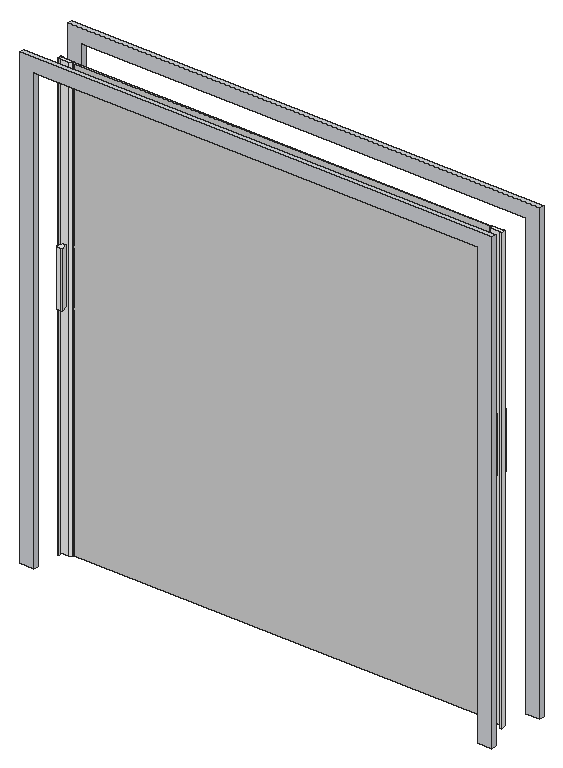
Revit family "Woodfold-Accordion-Door-Family-Series-740-Double", category Doors, host Wall, Revit 2026
Family settings
  Host = Wall
  Always vertical = Yes
  Cut with Voids When Loaded = No
  Shared = No
  Room Calculation Point = No
Parameters (values of type "8'-0" x 8'-0" Recessed Track w/Deadlatch")
  Type Comments = "Width: No limitation.  Height:Clear up to 10'-1\", Braonze and Gold up to 8'-1\""
  Track Material = Metal - Aluminum
  Surface Track = no
  Stack Dimension = 0.1041 * Width + 0' 5 1/2"  # 1' - 3.4936"
  Recessed Track = yes
  Panel Material = Woodfold - Aluminum - Clear
  Panel Connectors = "Rigid Vinyl with steel rods"
  Model = "740"
  Manufacturer = "Woodfold Mfg., Inc."
  Lead Post = Metal - Aluminum
  Hardware Type = "Deadlatch with Thumbturn Two-sides"
  Function = Interior
  Frame Visibility = yes
  Frame Projection Ext. = 0' - 1"
  Frame Projection Int. = 0' - 1"
  Frame Width = 0' - 3"
  Height = 8' - 0"
  Wall Closure = By host
  Width = 8' - 0"
  Description = "Alumifold security door"
  Assembly Code = ""
Reference planes (in)
  plane 1 "Center (Front/Back)": y = 0
  plane 2 "Center (Left/Right)": x = 0
  plane 3 "Left": x = -48
  plane 4 "Right": x = 48
  plane 5 "Top": z = 96
  plane 6 "Stack End": x = -32.5064
  plane 7 "Middle": z = 48
Forms (in)
  Extrusion 1, solid, visible <- "Frame Visibility"
    sketch origin (-90, 6, 0) x (-1, 0, 0) y (0, 0, 1)
      loop
        line (-138, 96) -> (-42, 96) -> (-42, 0) -> (-39, 0) -> (-39, 99) -> (-141, 99) -> (-141, 0) -> (-138, 0) -> (-138, 96)
    from 0 to 1
  Extrusion 2, solid, visible <- "Frame Visibility"
    sketch origin (-90, -6, 0) x (1, 0, 0) y (0, 0, 1)
      loop
        line (42, 0) -> (42, 96) -> (138, 96) -> (138, 0) -> (141, 0) -> (141, 99) -> (39, 99) -> (39, 0) -> (42, 0)
    from 0 to 1
  Extrusion 3, solid, material "Woodfold - Aluminum - Clear" <- "Panel Material"
    sketch origin (0, 0, 0) x (1, 0, 0) y (0, 1, 0)
      loop
        line (-48, 0.125) -> (-48, -0.125) -> (45.125, -0.125) -> (45.125, 0.125) -> (-48, 0.125)
    from 0.64608 to 96
  Extrusion 4, solid, material "Metal - Aluminum" <- "Track Material"
    sketch origin (12, 0, -0.14608) x (1, 0, 0) y (0, 1, 0)
      loop
        line (36, 0.25) -> (34.9375, 0.25) -> (35.16324, 1.60445)
        arc (35.16324, 1.60445) -> (35.13532, 1.7058) -> (35.03994, 1.75) r 0.125
        line (35.03994, 1.75) -> (34.08506, 1.75)
        arc (34.08506, 1.75) -> (33.98968, 1.7058) -> (33.96176, 1.60445) r 0.125
        line (33.96176, 1.60445) -> (34.1875, 0.25) -> (33.25, 0.25)
        arc (33.25, 0.25) -> (33.08719, 0.17869) -> (33.03176, 0.00981) r 0.21774
        arc (33.03176, 0.00981) -> (33.19467, 0.06273) -> (33.125, -0.09375) r 0.09375
        arc (33.125, -0.09375) -> (33.10937, -0.10937) -> (33.125, -0.125) r 0.01562
        line (33.125, -0.125) -> (33.21055, -0.125) -> (33.58555, -0.5) -> (34.1875, -0.5) -> (33.96176, -1.85445)
        arc (33.96176, -1.85445) -> (33.98968, -1.9558) -> (34.08506, -2) r 0.125
        line (34.08506, -2) -> (35.03994, -2)
        arc (35.03994, -2) -> (35.13532, -1.9558) -> (35.16324, -1.85445) r 0.125
        line (35.16324, -1.85445) -> (34.9375, -0.5) -> (36, -0.5) -> (36, 0.25)
    from 48.64608 to 60.64608
  Extrusion 5, solid, material "Metal - Aluminum" <- "Track Material"
    sketch origin (12, 0, -18.14608) x (1, 0, 0) y (0, 1, 0)
      loop
        arc (33.25, 0.25) -> (33.08719, 0.17869) -> (33.03176, 0.00981) r 0.21774
        arc (33.03176, 0.00981) -> (33.19467, 0.06273) -> (33.125, -0.09375) r 0.09375
        arc (33.125, -0.09375) -> (33.10937, -0.10937) -> (33.125, -0.125) r 0.01562
        line (33.125, -0.125) -> (33.21055, -0.125) -> (33.58555, -0.5) -> (36, -0.5) -> (36, 0.25) -> (33.25, 0.25)
    from 18.64608 to 66.64608
  Extrusion 6, solid, material "Metal - Aluminum" <- "Track Material"
    sketch origin (12, 0, 41.85392) x (1, 0, 0) y (0, 1, 0)
      loop
        arc (33.25, 0.25) -> (33.08719, 0.17869) -> (33.03176, 0.00981) r 0.21774
        arc (33.03176, 0.00981) -> (33.19467, 0.06273) -> (33.125, -0.09375) r 0.09375
        arc (33.125, -0.09375) -> (33.10937, -0.10937) -> (33.125, -0.125) r 0.01562
        line (33.125, -0.125) -> (33.21055, -0.125) -> (33.58555, -0.5) -> (36, -0.5) -> (36, 0.25) -> (33.25, 0.25)
    from 18.64608 to 54.14608
  Extrusion 7, solid, material "Metal - Aluminum" <- "Track Material"
    sketch origin (12, 0, 0) x (1, 0, 0) y (0, 1, 0)
      loop
        line (35.58547, -0.63818) -> (36, -0.63818) -> (36, 0.38818) -> (35.58547, 0.38818) -> (35.58547, 0.25) -> (35.875, 0.25) -> (35.875, -0.5) -> (35.58547, -0.5) -> (35.58547, -0.63818)
    from 0 to 96
  Extrusion 8, solid, material "Metal - Aluminum" <- "Track Material"
    sketch origin (-12, 0, -0.14608) x (-1, 0, 0) y (0, -1, 0)
      loop
        line (36, -0.25) -> (36, 0.5) -> (34.9375, 0.5) -> (35.16324, 1.85445)
        arc (35.16324, 1.85445) -> (35.13532, 1.9558) -> (35.03994, 2) r 0.125
        line (35.03994, 2) -> (34.08506, 2)
        arc (34.08506, 2) -> (33.98968, 1.9558) -> (33.96176, 1.85445) r 0.125
        line (33.96176, 1.85445) -> (34.1875, 0.5) -> (33.58555, 0.5) -> (33.21055, 0.125) -> (33.125, 0.125)
        arc (33.125, 0.125) -> (33.10937, 0.10937) -> (33.125, 0.09375) r 0.01562
        arc (33.125, 0.09375) -> (33.19467, -0.06273) -> (33.03176, -0.00981) r 0.09375
        arc (33.03176, -0.00981) -> (33.08719, -0.17869) -> (33.25, -0.25) r 0.21774
        line (33.25, -0.25) -> (34.1875, -0.25) -> (33.96176, -1.60445)
        arc (33.96176, -1.60445) -> (33.98968, -1.7058) -> (34.08506, -1.75) r 0.125
        line (34.08506, -1.75) -> (35.03994, -1.75)
        arc (35.03994, -1.75) -> (35.13532, -1.7058) -> (35.16324, -1.60445) r 0.125
        line (35.16324, -1.60445) -> (34.9375, -0.25) -> (36, -0.25)
    from 48.64608 to 60.64608
  Extrusion 9, solid, material "Metal - Aluminum" <- "Track Material"
    sketch origin (-12, 0, -18.14608) x (-1, 0, 0) y (0, -1, 0)
      loop
        line (33.25, -0.25) -> (36, -0.25) -> (36, 0.5) -> (33.58555, 0.5) -> (33.21055, 0.125) -> (33.125, 0.125)
        arc (33.125, 0.125) -> (33.10937, 0.10937) -> (33.125, 0.09375) r 0.01562
        arc (33.125, 0.09375) -> (33.19467, -0.06273) -> (33.03176, -0.00981) r 0.09375
        arc (33.03176, -0.00981) -> (33.08719, -0.17869) -> (33.25, -0.25) r 0.21774
    from 18.64608 to 66.64608
  Extrusion 10, solid, material "Metal - Aluminum" <- "Track Material"
    sketch origin (-12, 0, 41.85392) x (-1, 0, 0) y (0, -1, 0)
      loop
        line (33.25, -0.25) -> (36, -0.25) -> (36, 0.5) -> (33.58555, 0.5) -> (33.21055, 0.125) -> (33.125, 0.125)
        arc (33.125, 0.125) -> (33.10937, 0.10937) -> (33.125, 0.09375) r 0.01562
        arc (33.125, 0.09375) -> (33.19467, -0.06273) -> (33.03176, -0.00981) r 0.09375
        arc (33.03176, -0.00981) -> (33.08719, -0.17869) -> (33.25, -0.25) r 0.21774
    from 18.64608 to 54.14608
  Extrusion 11, solid, material "Metal - Aluminum" <- "Track Material"
    sketch origin (-12, 0, 0) x (-1, 0, 0) y (0, -1, 0)
      loop
        line (35.58547, 0.63818) -> (35.58547, 0.5) -> (35.875, 0.5) -> (35.875, -0.25) -> (35.58547, -0.25) -> (35.58547, -0.38818) -> (36, -0.38818) -> (36, 0.63818) -> (35.58547, 0.63818)
    from 0 to 96
  Sweep 12, solid, material "Metal - Aluminum" <- "Track Material", visible <- "Surface Track"
    path origin (0, 0, 0) x (1, 0, 0) y (0, 0, 1)
      loop
        line (48, 96) -> (-48, 96)
    profile origin (0, 0, 96) x (0, 0, -1) y (0, -1, 0)
      loop
        line (0.78289, -0.15789) -> (0.78289, 0.15789) -> (0.9375, 0.3125) -> (0.9375, 0.4375) -> (0.8125, 0.5625) -> (0, 0.5625) -> (0, -0.5625) -> (0.8125, -0.5625) -> (0.9375, -0.4375) -> (0.9375, -0.3125) -> (0.78289, -0.15789)
Cuts and joins
  joined: Extrusion 4, Extrusion 5, Extrusion 6
  joined: Extrusion 8, Extrusion 9, Extrusion 10
Lines and regions (in)
  Opening 1
    outline origin (-90, -6, 0) x (1, 0, 0) y (0, 0, 1)
      loop
        line (42, 0) -> (138, 0) -> (138, 96) -> (42, 96) -> (42, 0)
Text (in)
  text "Exterior" at (-74.96733, 27.31104, 0), in view "Ref. Level"
  text "Interior" at (-74.96733, -25.14366, 0), in view "Ref. Level"
  text "Exterior" at (0, 40.15149, 123.01588), in view "Right"
  text "Interior" at (0, -64.39139, 123.01588), in view "Right"
  text "Interior" at (0, -31.01599, 123.00693), in view "Left"
  text "Exterior" at (0, 54.57065, 123.00693), in view "Left"
Dimensions and locks (in)
  equal spacing: plane 3 "Left", plane 2 "Center (Left/Right)", plane 4 "Right"
  "Height": level to plane 5 "Top"
  "Width": plane 3 "Left" to plane 4 "Right"
  "Frame Width": Extrusion 2 sketch curve to plane 3 "Left"
  "Frame Width": Extrusion 2 sketch curve to plane 4 "Right"
  "Frame Width": Extrusion 2 sketch curve to plane 5 "Top"
  "Frame Width": Extrusion 1 sketch curve to Extrusion 1 sketch curve  (x2)
  "Frame Width": Extrusion 1 sketch curve to plane 5 "Top"
  host wall to plane 5 "Top" = 8' - 0"
  "Frame Projection Int.": Extrusion 2 to host wall
  "Frame Projection Ext.": Extrusion 1 to host wall
  level to Extrusion 3 = 0' - 0.64608"
  "Stack Dimension": plane 3 "Left" to plane 6 "Stack End"
  equal spacing: level, plane 7 "Middle", plane 5 "Top"
  aligned and locked: plane 3 "Left" to Opening 1 sketch curve
  aligned and locked: plane 5 "Top" to Opening 1 sketch curve  (x2)
  aligned and locked: Opening 1 sketch curve to plane 4 "Right"
  aligned and locked: Opening 1 sketch curve to level
  aligned and locked: plane 5 "Top" to Extrusion 1 sketch curve  (x2)
  aligned and locked: plane 3 "Left" to Extrusion 1 sketch curve
  aligned and locked: Extrusion 1 sketch curve to plane 3 "Left"
  aligned and locked: level to Extrusion 1 sketch curve
  aligned and locked: plane 4 "Right" to Extrusion 1 sketch curve
  aligned and locked: Extrusion 1 to host wall
  aligned and locked: plane 3 "Left" to Extrusion 2 sketch curve
  aligned and locked: plane 5 "Top" to Extrusion 2 sketch curve  (x2)
  aligned and locked: plane 4 "Right" to Extrusion 2 sketch curve  (x2)
  aligned and locked: level to Extrusion 2 sketch curve
  aligned and locked: Extrusion 2 sketch curve to level
  aligned and locked: Extrusion 2 to host wall
  aligned and locked: nested 1 to plane 6 "Stack End"
  aligned and locked: nested 2 to nested 1
  aligned and locked: nested 3 to plane 4 "Right"
  aligned and locked: plane 5 "Top" to nested 4
  aligned and locked: level to nested 4
  aligned and locked: Extrusion 3 to nested 4
  aligned and locked: level to nested 5
  aligned and locked: host wall to nested 5
  aligned and locked: nested 6 to plane 3 "Left"
  aligned and locked: plane 3 "Left" to nested 7
  aligned and locked: nested 2 to nested 7
  aligned and locked: Extrusion 4 to Extrusion 5
  aligned and locked: Extrusion 6 to Extrusion 4
  aligned and locked: Extrusion 6 to plane 5 "Top"
  aligned and locked: Extrusion 7 to plane 5 "Top"
  aligned and locked: Extrusion 9 to Extrusion 8
  aligned and locked: Extrusion 8 to Extrusion 10
  aligned and locked: Extrusion 11 to plane 5 "Top"
  aligned and locked: Extrusion 10 to plane 5 "Top"
  aligned and locked: Extrusion 3 to plane 5 "Top"
  aligned and locked: Sweep 12 sketch curve to plane 5 "Top"
  aligned and locked: plane 3 "Left" to Sweep 12 sketch curve
  aligned and locked: plane 4 "Right" to Sweep 12 sketch curve
  aligned and locked: nested 8 to plane 3 "Left"
  aligned and locked: plane 4 "Right" to nested 8
  aligned and locked: nested 8 to plane 7 "Middle"
Automatic sketch dimensions
  Extrusion 1 sketch curve to level = 0' - 0"
  Extrusion 2 sketch curve to level = 0' - 0"
  Extrusion 3 sketch curve to plane 3 "Left" = 0' - 0"
  host wall to Extrusion 3 sketch curve = 0' - 0 1/8"
  plane 4 "Right" to Extrusion 3 sketch curve = 0' - 2 7/8"
  Extrusion 3 sketch curve to host wall = 0' - 0 1/8"
  Extrusion 4 sketch curve to host wall = 0' - 0"
  Extrusion 4 sketch curve to plane 4 "Right" = 0' - 0"
  plane 4 "Right" to Extrusion 4 sketch curve = 0' - 0.83676"  (x2)
  Extrusion 4 sketch curve to Extrusion 4 sketch curve = 0' - 0.1233"  (x4)
  Extrusion 4 sketch curve to host wall = 0' - 0 1/4"  (x2)
  Extrusion 4 sketch curve to Extrusion 4 sketch curve = 0' - 1 1/16"
  host wall to Extrusion 4 sketch curve = 0' - 0 1/2"  (x2)
  Extrusion 4 sketch curve to Extrusion 4 sketch curve = 0' - 0"  (x3)
  Extrusion 4 sketch curve to Extrusion 4 sketch curve = 0' - 0 3/4"  (x2)
  Extrusion 4 sketch curve to Extrusion 4 sketch curve = 0' - 0.95488"  (x2)
  Extrusion 4 sketch curve to Extrusion 4 sketch curve = 0' - 0.60195"
  Extrusion 4 sketch curve to Extrusion 4 sketch curve = 0' - 0.33555"
  Extrusion 4 sketch curve to host wall = 0' - 0.03226"
  Extrusion 4 sketch curve to Extrusion 4 sketch curve = 0' - 0.00165"
  Extrusion 4 sketch curve to Extrusion 4 sketch curve = 0' - 0.0378"
  Extrusion 4 sketch curve to Extrusion 4 sketch curve = 0' - 0.08555"
  Extrusion 4 sketch curve to host wall = 0' - 0.00981"
  Extrusion 4 sketch curve to Extrusion 4 sketch curve = 0' - 1.35445"  (x2)
  Extrusion 4 sketch curve to Extrusion 4 sketch curve = 0' - 0.02055"  (x2)
  Extrusion 4 sketch curve to Extrusion 4 sketch curve = 0' - 0 1/32"
  Extrusion 4 sketch curve to Extrusion 4 sketch curve = 0' - 0 1/64"
  Extrusion 5 sketch curve to host wall = 0' - 0"
  Extrusion 5 sketch curve to plane 4 "Right" = 0' - 0"
  host wall to Extrusion 5 sketch curve = 0' - 0 1/2"
  Extrusion 5 sketch curve to Extrusion 5 sketch curve = 0' - 2.41445"
  Extrusion 5 sketch curve to host wall = 0' - 0 1/4"
  Extrusion 5 sketch curve to Extrusion 5 sketch curve = 0' - 0.33555"
  Extrusion 5 sketch curve to host wall = 0' - 0.03226"
  Extrusion 5 sketch curve to Extrusion 5 sketch curve = 0' - 0.00165"
  host wall to Extrusion 5 sketch curve = 0' - 0 1/8"
  Extrusion 5 sketch curve to Extrusion 5 sketch curve = 0' - 0.0378"
  Extrusion 5 sketch curve to Extrusion 5 sketch curve = 0' - 0.08555"
  Extrusion 5 sketch curve to host wall = 0' - 0.00981"
  Extrusion 5 sketch curve to Extrusion 5 sketch curve = 0' - 0 1/64"
  Extrusion 6 sketch curve to host wall = 0' - 0"
  Extrusion 6 sketch curve to plane 4 "Right" = 0' - 0"
  host wall to Extrusion 6 sketch curve = 0' - 0 1/2"
  Extrusion 6 sketch curve to Extrusion 6 sketch curve = 0' - 2.41445"
  Extrusion 6 sketch curve to host wall = 0' - 0 1/4"
  Extrusion 6 sketch curve to Extrusion 6 sketch curve = 0' - 0.33555"
  Extrusion 6 sketch curve to host wall = 0' - 0.03226"
  Extrusion 6 sketch curve to Extrusion 6 sketch curve = 0' - 0.00165"
  host wall to Extrusion 6 sketch curve = 0' - 0 1/8"
  Extrusion 6 sketch curve to Extrusion 6 sketch curve = 0' - 0.0378"
  Extrusion 6 sketch curve to Extrusion 6 sketch curve = 0' - 0.08555"
  Extrusion 6 sketch curve to host wall = 0' - 0.00981"
  Extrusion 6 sketch curve to Extrusion 6 sketch curve = 0' - 0 1/64"
  Extrusion 7 sketch curve to plane 4 "Right" = 0' - 0"
  plane 4 "Right" to Extrusion 7 sketch curve = 0' - 0 1/8"
  Extrusion 7 sketch curve to Extrusion 7 sketch curve = 0' - 0.28953"  (x2)
  host wall to Extrusion 7 sketch curve = 0' - 0.63818"
  Extrusion 7 sketch curve to Extrusion 7 sketch curve = 0' - 0.13818"  (x2)
  Extrusion 7 sketch curve to host wall = 0' - 0 1/4"
  Extrusion 8 sketch curve to host wall = 0' - 0"
  Extrusion 8 sketch curve to plane 3 "Left" = 0' - 0"
  Extrusion 8 sketch curve to plane 3 "Left" = 0' - 0.83676"  (x2)
  Extrusion 8 sketch curve to Extrusion 8 sketch curve = 0' - 0.1233"  (x4)
  Extrusion 8 sketch curve to host wall = 0' - 0 1/4"  (x2)
  Extrusion 8 sketch curve to plane 3 "Left" = 0' - 1 1/16"
  host wall to Extrusion 8 sketch curve = 0' - 0 1/2"  (x2)
  Extrusion 8 sketch curve to Extrusion 8 sketch curve = 0' - 0"  (x4)
  Extrusion 8 sketch curve to Extrusion 8 sketch curve = 0' - 0 3/4"  (x2)
  Extrusion 8 sketch curve to Extrusion 8 sketch curve = 0' - 0.95488"  (x2)
  Extrusion 8 sketch curve to Extrusion 8 sketch curve = 0' - 0.60195"
  Extrusion 8 sketch curve to Extrusion 8 sketch curve = 0' - 0.33555"
  Extrusion 8 sketch curve to host wall = 0' - 0.03226"
  Extrusion 8 sketch curve to Extrusion 8 sketch curve = 0' - 0.00165"
  Extrusion 8 sketch curve to Extrusion 8 sketch curve = 0' - 0.0378"
  Extrusion 8 sketch curve to Extrusion 8 sketch curve = 0' - 0.08555"
  Extrusion 8 sketch curve to host wall = 0' - 0.00981"
  Extrusion 8 sketch curve to Extrusion 8 sketch curve = 0' - 1.35445"  (x2)
  Extrusion 8 sketch curve to Extrusion 8 sketch curve = 0' - 0.02055"  (x2)
  Extrusion 8 sketch curve to Extrusion 8 sketch curve = 0' - 0 1/64"
  Extrusion 9 sketch curve to host wall = 0' - 0"
  Extrusion 9 sketch curve to plane 3 "Left" = 0' - 0"
  host wall to Extrusion 9 sketch curve = 0' - 0 1/2"
  Extrusion 9 sketch curve to plane 3 "Left" = 0' - 2.41445"
  Extrusion 9 sketch curve to host wall = 0' - 0 1/4"
  Extrusion 9 sketch curve to Extrusion 9 sketch curve = 0' - 0.33555"
  Extrusion 9 sketch curve to host wall = 0' - 0.03226"
  Extrusion 9 sketch curve to Extrusion 9 sketch curve = 0' - 0.00165"
  host wall to Extrusion 9 sketch curve = 0' - 0 1/8"
  Extrusion 9 sketch curve to Extrusion 9 sketch curve = 0' - 0.0378"
  Extrusion 9 sketch curve to Extrusion 9 sketch curve = 0' - 0.08555"
  Extrusion 9 sketch curve to host wall = 0' - 0.00981"
  Extrusion 9 sketch curve to Extrusion 9 sketch curve = 0' - 0"
  Extrusion 10 sketch curve to host wall = 0' - 0"
  Extrusion 10 sketch curve to plane 3 "Left" = 0' - 0"
  host wall to Extrusion 10 sketch curve = 0' - 0 1/2"
  Extrusion 10 sketch curve to Extrusion 10 sketch curve = 0' - 2.41445"
  Extrusion 10 sketch curve to host wall = 0' - 0 1/4"
  Extrusion 10 sketch curve to Extrusion 10 sketch curve = 0' - 0.33555"
  Extrusion 10 sketch curve to host wall = 0' - 0.03226"
  Extrusion 10 sketch curve to Extrusion 10 sketch curve = 0' - 0.00165"
  host wall to Extrusion 10 sketch curve = 0' - 0 1/8"
  Extrusion 10 sketch curve to Extrusion 10 sketch curve = 0' - 0.0378"
  Extrusion 10 sketch curve to Extrusion 10 sketch curve = 0' - 0.08555"
  Extrusion 10 sketch curve to host wall = 0' - 0.00981"
  Extrusion 10 sketch curve to Extrusion 10 sketch curve = 0' - 0"
  Extrusion 11 sketch curve to plane 3 "Left" = 0' - 0"
  Extrusion 11 sketch curve to plane 3 "Left" = 0' - 0 1/8"
  Extrusion 11 sketch curve to Extrusion 11 sketch curve = 0' - 0.28953"  (x2)
  Extrusion 11 sketch curve to host wall = 0' - 0.38818"
  Extrusion 11 sketch curve to Extrusion 11 sketch curve = 0' - 0.13818"  (x2)
  host wall to Extrusion 11 sketch curve = 0' - 0 1/2"
  Sweep 12 sketch curve to profile plane = 0' - 0"
  Sweep 12 sketch curve to profile plane = 0' - 0.15789"
  Sweep 12 sketch curve to profile plane = 0' - 0.78289"
  profile plane to Sweep 12 sketch curve = 0' - 0.15789"
  Sweep 12 sketch curve to Sweep 12 sketch curve = 0' - 0.02961"  (x2)
  Sweep 12 sketch curve to profile plane = 0' - 0 7/16"
  Sweep 12 sketch curve to Sweep 12 sketch curve = 0' - 0 1/8"  (x5)
  Sweep 12 sketch curve to profile plane = 0' - 0 9/16"
  Sweep 12 sketch curve to Sweep 12 sketch curve = 0' - 0.15461"
Nested families (in)
  nested 1: "Detail Lead Post" at (-35.17085, -0.125, 0), type "Detail Lead Post", detail levels medium+fine
  nested 2: "Detail - Stacked Panels" at (-45.125, 0, 0), type "Detail - Stacked Panels"
    with built-in parameter 1001306 0.82238 (stored number, unit not read)
  nested 3: "Detail - Post receptor" at (48, -0.125, 0), type "Detail - Post receptor"
  nested 4: "Detail - Panel Section" at (0, 0, 96) x (0, 0, -1) z (1, 0, 0), visible <- "Surface Track", type "Detail - Panel Section"
    with Panel Finish yes, built-in parameter 1001306 8 (stored number, unit not read)
  nested 5: "Detail - Panel Section - Recessed Track" at (0, 0, 96.75) x (0, 0, -1) z (1, 0, 0), visible <- "Recessed Track", type "Detail - Panel Section"
    with Panel Finish yes, built-in parameter 1001306 8.0625 (stored number, unit not read)
  nested 6: "Detail - Post receptor" at (-48, -0.125, 0) x (-1, 0, 0) z (0, 0, 1), type "Detail - Post receptor"
  nested 7: "Detail Lead Post" at (-45.21055, -0.125, 0) x (-1, 0, 0) z (0, 0, 1), type "Detail Lead Post", detail levels medium+fine
  nested 8: "Detail - Double Opening Arrow" at (48, 0, 48) x (-1, 0, 0) z (0, -1, 0), type "Detail - Double Opening Arrow"
    with built-in parameter 1001306 8 (stored number, unit not read)
Definition of nested family "Detail Lead Post"
  Parameters
    Assembly Code = ""
  Reference planes (in)
    plane 1 "Center (Front/Back)": y = 0
    plane 2: z = 0
    plane 3 "Center (Left/Right)": x = 0
    plane 4 "Hinge Side": x = -0.08555
    plane 5 "Jamb Side": x = 2.78945
    plane 6: x = 2.66445
  Lines and regions (in)
    Filled region 1, type "Concrete Block", in view "Ref. Level"
      outline origin (0, 0, 0) x (1, 0, 0) y (0, 1, 0)
        loop
          line (2.66445, 0.375) -> (0.03945, 0.375)
          arc (0.03945, 0.375) -> (-0.12336, 0.30369) -> (-0.17879, 0.13481) r 0.21774
          arc (-0.17879, 0.13481) -> (-0.01588, 0.18773) -> (-0.08555, 0.03125) r 0.09375
          arc (-0.08555, 0.03125) -> (-0.10118, 0.01562) -> (-0.08555, 0) r 0.01562
          line (-0.08555, 0) -> (0, 0) -> (0.375, -0.375) -> (2.66445, -0.375) -> (2.66445, 0.375)
        loop
          line (0.12172, 0.05506) -> (0.42678, -0.25) -> (2.53945, -0.25) -> (2.53945, 0.25) -> (0.09397, 0.25)
          arc (0.09397, 0.25) -> (0.13102, 0.15583) -> (0.12172, 0.05506) r 0.21875
    detail lines, in view "Ref. Level"
      curve 1: line (0.97695, 0.375, 0) -> (0.75121, 1.72945, 0)
      curve 2: line (1.82939, 1.875, 0) -> (0.87451, 1.875, 0)
      curve 3: line (1.72695, 0.375, 0) -> (1.95269, 1.72945, 0)
      curve 4: line (0.97695, -0.375, 0) -> (0.75121, -1.72945, 0)
      curve 5: line (1.82939, -1.875, 0) -> (0.87451, -1.875, 0)
      curve 6: line (1.72695, -0.375, 0) -> (1.95269, -1.72945, 0)
      curve 7: arc (0.75121, -1.72945, 0) -> (0.77913, -1.8308, 0) -> (0.87451, -1.875, 0) r 0.125
      curve 8: arc (1.82939, -1.875, 0) -> (1.92477, -1.8308, 0) -> (1.95269, -1.72945, 0) r 0.125
      curve 9: arc (0.75121, 1.72945, 0) -> (0.77913, 1.8308, 0) -> (0.87451, 1.875, 0) r 0.125
      curve 10: arc (1.95269, 1.72945, 0) -> (1.92477, 1.8308, 0) -> (1.82939, 1.875, 0) r 0.125
      curve 11: line (2.66445, 0.375, 0) -> (0.03945, 0.375, 0)
      curve 12: arc (0.03945, 0.375, 0) -> (-0.12336, 0.30369, 0) -> (-0.17879, 0.13481, 0) r 0.21774
      curve 13: arc (-0.17879, 0.13481, 0) -> (-0.01588, 0.18773, 0) -> (-0.08555, 0.03125, 0) r 0.09375
      curve 14: arc (-0.08555, 0.03125, 0) -> (-0.10118, 0.01562, 0) -> (-0.08555, 0, 0) r 0.01562
      curve 15: line (-0.08555, 0, 0) -> (0, 0, 0)
      curve 16: line (0, 0, 0) -> (0.375, -0.375, 0)
      curve 17: line (0.375, -0.375, 0) -> (2.66445, -0.375, 0)
      curve 18: line (2.66445, -0.375, 0) -> (2.66445, 0.375, 0)
Definition of nested family "Detail - Stacked Panels"
  Parameters
    built-in parameter 1001306 [instance] = 2' - 0"
    Assembly Code = ""
  Reference planes (in)
    plane 1 "Center (Front/Back)": y = 0
    plane 2: z = 0
    plane 3 "Left": x = 0
    plane 4 "Right": x = 24
    plane 5: x = 0.25
  Lines and regions (in)
    Filled region 1, type "Panel Lines", in view "Ref. Level"
      outline origin (0.25, 0, 0) x (1, 0, 0) y (0, 1, 0)
        loop
          line (0, 2.25) -> (0, -2.25) -> (23.5, -2.25) -> (23.5, 2.25) -> (0, 2.25)
    Filled region 2, type "Panel Lines", in view "Ref. Level"
      outline origin (0, 0, 0) x (1, 0, 0) y (0, 1, 0)
        loop
          line (0.25, 2.25) -> (0.25, 0) -> (0, 0) -> (0, -2.25) -> (24, -2.25) -> (24, 0) -> (23.75, 0) -> (23.75, 2.25) -> (0.25, 2.25)
    reference lines, in view "Ref. Level"
      curve 1: line (0, 0, 0) -> (24, 0, 0)
      curve 2: line (0.25, -4, 0) -> (24, -4, 0)
    detail lines, in view "Ref. Level"
      curve 3: circle (24, 0, 0) r 0.125 normal (0, 0, 1)
  Dimensions and locks (in)
    "built-in parameter 1001306": plane 3 "Left" to plane 4 "Right"
    aligned and locked: plane 1 "Center (Front/Back)" to curve 1
    aligned and locked: plane 3 "Left" to curve 1
    aligned and locked: plane 5 to curve 2
    aligned and locked: plane 4 "Right" to curve 2
    aligned and locked: Filled region 1 to Filled region 2
    aligned and locked: plane 3 "Left" to Filled region 2 sketch curve
    aligned and locked: Filled region 2 sketch curve to plane 5
    aligned and locked: Filled region 1 to plane 5
  Automatic sketch dimensions
    curve 1 to plane 4 "Right" = 0' - 0"
    plane 1 "Center (Front/Back)" to curve 2 = 0' - 4"
    plane 5 to Filled region 1 sketch curve = 0' - 0"
    plane 4 "Right" to Filled region 1 sketch curve = 0' - 0 1/4"
    plane 1 "Center (Front/Back)" to Filled region 1 sketch curve = 0' - 2 1/4"
    Filled region 1 sketch curve to plane 1 "Center (Front/Back)" = 0' - 2 1/4"
    curve 3 to plane 1 "Center (Front/Back)" = 0' - 0"
    curve 3 to plane 4 "Right" = 0' - 0"
    Filled region 2 sketch curve to plane 1 "Center (Front/Back)" = 0' - 0"  (x2)
    Filled region 2 sketch curve to plane 4 "Right" = 0' - 0"
    plane 4 "Right" to Filled region 2 sketch curve = 0' - 0 1/4"
    Filled region 2 sketch curve to Filled region 2 sketch curve = 0' - 2 1/4"  (x2)
    radius of curve 3 = 0' - 0 1/8"
Definition of nested family "Detail - Post receptor"
  Parameters
    Jamb Receptor Plate [instance] = yes
  Reference planes (in)
    plane 1 "Center (Front/Back)": y = 0
    plane 2: z = 0
    plane 3 "Center (Left/Right)": x = 0
  Lines and regions (in)
    Filled region 1, type "Concrete Block", in view "Ref. Level", visible <- "Jamb Receptor Plate"
      outline origin (-2.78945, 0, 0) x (1, 0, 0) y (0, 1, 0)
        loop
          line (2.37492, 0.51318) -> (2.37492, 0.38141) -> (2.66445, 0.38141) -> (2.66445, -0.38141) -> (2.37492, -0.38141) -> (2.37492, -0.51318) -> (2.78945, -0.51318) -> (2.78945, 0.51318) -> (2.37492, 0.51318)
Definition of nested family "Detail - Panel Section"
  Parameters
    Panel Finish [instance] = yes
    built-in parameter 1001306 [instance] = 4' - 0"
  Reference planes (in)
    plane 1 "Center (Front/Back)": y = 0
    plane 2: z = 0
    plane 3 "Left": x = 0
    plane 4 "Right": x = 48
    plane 5: x = 46.955
  Lines and regions (in)
    Filled region 1, type "Wood - Finish", in view "Ref. Level", visible <- "Panel Finish"
      outline origin (-14.66362, 0, 0) x (0, 1, 0) y (-1, 0, 0)
        loop
          line (-2.22816, -16.27095) -> (-2.22816, -61.61862) -> (2.2317, -61.61862) -> (2.2317, -16.27095) -> (-2.22816, -16.27095)
    reference lines, in view "Ref. Level"
      curve 1: line (0, 0, 0) -> (48, 0, 0)
    detail lines, in view "Ref. Level"
      curve 2: arc (1.1875, -2.199, 0) -> (1.15228, -2.28802, 0) -> (1.1875, -2.37703, 0) r 0.13011
      curve 3: line (1.20858, -2.21839, 0) -> (1.20858, -2.35623, 0)
      curve 4: line (1.20858, -2.28816, 0) -> (1.52613, -2.28816, 0)
      curve 5: arc (1.48757, -2.22839, 0) -> (1.54757, -2.29208, 0) -> (1.60733, -2.22816, 0) r 0.06
      curve 6: line (1.2475, -2.25816, 0) -> (1.49343, -2.25816, 0)
      curve 7: line (1.48757, -2.22839, 0) -> (1.20858, -2.22816, 0)
      curve 8: line (46.99371, -2.28816, 0) -> (1.56879, -2.28816, 0)
      curve 9: line (46.96101, -2.25816, 0) -> (1.60149, -2.25816, 0)
      curve 10: line (1.48739, -2.17209, 0) -> (1.48739, -2.22839, 0)
      curve 11: line (1.1875, -2.17209, 0) -> (1.48739, -2.17209, 0)
      curve 12: line (1.1875, -2.40479, 0) -> (1.1875, 2.40479, 0)
      curve 13: arc (1.60733, -1.14507, 0) -> (1.58503, -1.18941, 0) -> (1.60733, -1.23375, 0) r 0.05523
      curve 14: arc (1.60733, -0.39507, 0) -> (1.58503, -0.43941, 0) -> (1.60733, -0.48375, 0) r 0.05523
      curve 15: arc (1.60733, 0.47493, 0) -> (1.58503, 0.43059, 0) -> (1.60733, 0.38625, 0) r 0.05523
      curve 16: arc (1.60733, 1.22493, 0) -> (1.58503, 1.18059, 0) -> (1.60733, 1.13625, 0) r 0.05523
      curve 17: arc (1.60733, 2.11585, 0) -> (1.59138, 2.14854, 0) -> (1.5575, 2.16176, 0) r 0.05
      curve 18: line (1.1875, 2.16176, 0) -> (1.5575, 2.16176, 0)
      curve 19: arc (1.48739, 1.34792, 0) -> (1.54739, 1.40792, 0) -> (1.48739, 1.46792, 0) r 0.06
      curve 20: arc (1.48739, 1.46792, 0) -> (1.42739, 1.40792, 0) -> (1.48739, 1.34792, 0) r 0.06
      curve 21: arc (1.48739, -1.44643, 0) -> (1.54739, -1.38643, 0) -> (1.48739, -1.32643, 0) r 0.06
      curve 22: arc (1.48739, -1.32643, 0) -> (1.42739, -1.38643, 0) -> (1.48739, -1.44643, 0) r 0.06
      curve 23: arc (1.1875, 2.199, 0) -> (1.15228, 2.28802, 0) -> (1.1875, 2.37703, 0) r 0.13011
      curve 24: line (1.20858, 2.21839, 0) -> (1.20858, 2.35623, 0)
      curve 25: line (1.20858, 2.29161, 0) -> (47.35392, 2.29161, 0)
      curve 26: line (1.24866, 2.26161, 0) -> (47.32358, 2.26161, 0)
      curve 27: line (1.60733, 2.22816, 0) -> (1.20858, 2.22816, 0)
      curve 28: arc (47.375, -2.199, 0) -> (47.41022, -2.28802, 0) -> (47.375, -2.37703, 0) r 0.13011
      curve 29: line (47.35392, -2.21839, 0) -> (47.35392, -2.35623, 0)
      curve 30: line (47.35392, -2.28816, 0) -> (47.03637, -2.28816, 0)
      curve 31: arc (47.07493, -2.22839, 0) -> (47.01689, -2.29205, 0) -> (46.95504, -2.23208, 0) r 0.06
      curve 32: line (47.315, -2.25816, 0) -> (47.06907, -2.25816, 0)
      curve 33: line (47.07493, -2.22839, 0) -> (47.35392, -2.22816, 0)
      curve 34: line (47.07511, -2.17209, 0) -> (47.07511, -2.22839, 0)
      curve 35: line (47.375, -2.17209, 0) -> (47.07511, -2.17209, 0)
      curve 36: line (47.375, -2.40479, 0) -> (47.375, 2.40479, 0)
      curve 37: arc (46.955, -1.14495, 0) -> (46.97747, -1.18941, 0) -> (46.955, -1.23387, 0) r 0.05523
      curve 38: arc (46.955, -0.39495, 0) -> (46.97747, -0.43941, 0) -> (46.955, -0.48387, 0) r 0.05523
      curve 39: arc (46.955, 0.47505, 0) -> (46.97747, 0.43059, 0) -> (46.955, 0.38613, 0) r 0.05523
      curve 40: arc (46.955, 1.22505, 0) -> (46.97747, 1.18059, 0) -> (46.955, 1.13613, 0) r 0.05523
      curve 41: arc (46.955, 2.11176, 0) -> (46.96964, 2.14712, 0) -> (47.005, 2.16176, 0) r 0.05
      curve 42: line (47.375, 2.16176, 0) -> (47.005, 2.16176, 0)
      curve 43: arc (47.07511, 1.34792, 0) -> (47.01511, 1.40792, 0) -> (47.07511, 1.46792, 0) r 0.06
      curve 44: arc (47.07511, 1.46792, 0) -> (47.13511, 1.40792, 0) -> (47.07511, 1.34792, 0) r 0.06
      curve 45: arc (47.07511, -1.44643, 0) -> (47.01511, -1.38643, 0) -> (47.07511, -1.32643, 0) r 0.06
      curve 46: arc (47.07511, -1.32643, 0) -> (47.13511, -1.38643, 0) -> (47.07511, -1.44643, 0) r 0.06
      curve 47: arc (47.375, 2.199, 0) -> (47.41022, 2.28802, 0) -> (47.375, 2.37703, 0) r 0.13011
      curve 48: line (47.35392, 2.21839, 0) -> (47.35392, 2.35623, 0)
      curve 49: line (47.35392, 2.22816, 0) -> (46.955, 2.22816, 0)
      curve 94: line (48, -2.40479, 0) -> (48, 2.34521, 0)
      curve 96: line (46.955, -2.23208, 0) -> (46.955, 2.11176, 0)
      curve 98: line (1.60733, -2.22816, 0) -> (1.60733, 2.11585, 0)
    detail lines, in view "Ref. Level", not visible
      curve 50: arc (0, -2.199, 0) -> (-0.03522, -2.28802, 0) -> (0, -2.37703, 0) r 0.13011
      curve 51: line (0.02108, -2.21839, 0) -> (0.02108, -2.35623, 0)
      curve 52: line (0.02108, -2.28816, 0) -> (0.33863, -2.28816, 0)
      curve 53: arc (0.30007, -2.22839, 0) -> (0.36007, -2.29208, 0) -> (0.41983, -2.22816, 0) r 0.06
      curve 54: line (0.06, -2.25816, 0) -> (0.30593, -2.25816, 0)
      curve 55: line (0.30007, -2.22839, 0) -> (0.02108, -2.22816, 0)
      curve 56: line (0.29989, -2.17209, 0) -> (0.29989, -2.22839, 0)
      curve 57: line (0, -2.17209, 0) -> (0.29989, -2.17209, 0)
      curve 58: line (0, -2.40479, 0) -> (0, 2.40479, 0)
      curve 59: arc (0.41983, -1.14507, 0) -> (0.39753, -1.18941, 0) -> (0.41983, -1.23375, 0) r 0.05523
      curve 60: arc (0.41983, -0.39507, 0) -> (0.39753, -0.43941, 0) -> (0.41983, -0.48375, 0) r 0.05523
      curve 61: arc (0.41983, 0.47493, 0) -> (0.39753, 0.43059, 0) -> (0.41983, 0.38625, 0) r 0.05523
      curve 62: arc (0.41983, 1.22493, 0) -> (0.39753, 1.18059, 0) -> (0.41983, 1.13625, 0) r 0.05523
      curve 63: arc (0.41983, 2.11585, 0) -> (0.40388, 2.14854, 0) -> (0.37, 2.16176, 0) r 0.05
      curve 64: line (0, 2.16176, 0) -> (0.37, 2.16176, 0)
      curve 65: arc (0.29989, 1.34792, 0) -> (0.35989, 1.40792, 0) -> (0.29989, 1.46792, 0) r 0.06
      curve 66: arc (0.29989, 1.46792, 0) -> (0.23989, 1.40792, 0) -> (0.29989, 1.34792, 0) r 0.06
      curve 67: arc (0.29989, -1.44643, 0) -> (0.35989, -1.38643, 0) -> (0.29989, -1.32643, 0) r 0.06
      curve 68: arc (0.29989, -1.32643, 0) -> (0.23989, -1.38643, 0) -> (0.29989, -1.44643, 0) r 0.06
      curve 69: arc (0, 2.199, 0) -> (-0.03522, 2.28802, 0) -> (0, 2.37703, 0) r 0.13011
      curve 70: line (0.02108, 2.21839, 0) -> (0.02108, 2.35623, 0)
      curve 71: line (0.41983, 2.22816, 0) -> (0.02108, 2.22816, 0)
      curve 72: arc (8.68994, -2.199, 0) -> (8.72516, -2.28802, 0) -> (8.68994, -2.37703, 0) r 0.13011
      curve 73: line (8.66886, -2.21839, 0) -> (8.66886, -2.35623, 0)
      curve 74: line (8.66886, -2.28816, 0) -> (8.35131, -2.28816, 0)
      curve 75: arc (8.38987, -2.22839, 0) -> (8.33183, -2.29205, 0) -> (8.26998, -2.23208, 0) r 0.06
      curve 76: line (8.62994, -2.25816, 0) -> (8.38402, -2.25816, 0)
      curve 77: line (8.38987, -2.22839, 0) -> (8.66886, -2.22816, 0)
      curve 78: line (8.39005, -2.17209, 0) -> (8.39005, -2.22839, 0)
      curve 79: line (8.68994, -2.17209, 0) -> (8.39005, -2.17209, 0)
      curve 80: line (8.68994, -2.40479, 0) -> (8.68994, 2.40479, 0)
      curve 81: arc (8.26994, -1.14495, 0) -> (8.29241, -1.18941, 0) -> (8.26994, -1.23387, 0) r 0.05523
      curve 82: arc (8.26994, -0.39495, 0) -> (8.29241, -0.43941, 0) -> (8.26994, -0.48387, 0) r 0.05523
      curve 83: arc (8.26994, 0.47505, 0) -> (8.29241, 0.43059, 0) -> (8.26994, 0.38613, 0) r 0.05523
      curve 84: arc (8.26994, 1.22505, 0) -> (8.29241, 1.18059, 0) -> (8.26994, 1.13613, 0) r 0.05523
      curve 85: arc (8.26994, 2.11176, 0) -> (8.28459, 2.14712, 0) -> (8.31994, 2.16176, 0) r 0.05
      curve 86: line (8.68994, 2.16176, 0) -> (8.31994, 2.16176, 0)
      curve 87: arc (8.39005, 1.34792, 0) -> (8.33005, 1.40792, 0) -> (8.39005, 1.46792, 0) r 0.06
      curve 88: arc (8.39005, 1.46792, 0) -> (8.45005, 1.40792, 0) -> (8.39005, 1.34792, 0) r 0.06
      curve 89: arc (8.39005, -1.44643, 0) -> (8.33005, -1.38643, 0) -> (8.39005, -1.32643, 0) r 0.06
      curve 90: arc (8.39005, -1.32643, 0) -> (8.45005, -1.38643, 0) -> (8.39005, -1.44643, 0) r 0.06
      curve 91: arc (8.68994, 2.199, 0) -> (8.72516, 2.28802, 0) -> (8.68994, 2.37703, 0) r 0.13011
      curve 92: line (8.66886, 2.21839, 0) -> (8.66886, 2.35623, 0)
      curve 93: line (8.66886, 2.22816, 0) -> (8.26994, 2.22816, 0)
      curve 95: line (9.31494, -2.40479, 0) -> (9.31494, 2.34521, 0)
      curve 97: line (8.26994, -2.23208, 0) -> (8.26994, 2.11176, 0)
      curve 99: line (0.41983, -2.22816, 0) -> (0.41983, 2.11585, 0)
  Dimensions and locks (in)
    "built-in parameter 1001306": plane 3 "Left" to plane 4 "Right"
    locked: plane 5 to plane 4 "Right" at 1.045
    aligned and locked: plane 1 "Center (Front/Back)" to curve 1
    aligned and locked: plane 4 "Right" to curve 1
    aligned and locked: plane 3 "Left" to curve 1
    aligned and locked: curve 94 to plane 4 "Right"
    aligned and locked: Filled region 1 to plane 5
    aligned and locked: Filled region 1 to curve 98
    aligned and locked: curve 24 to curve 25
    aligned and locked: curve 8 to curve 4
  Automatic sketch dimensions
    plane 1 "Center (Front/Back)" to Filled region 1 sketch curve = 0' - 2.22816"
    Filled region 1 sketch curve to plane 1 "Center (Front/Back)" = 0' - 2.2317"
    plane 3 "Left" to Filled region 1 sketch curve = 3' - 10.955"
    plane 3 "Left" to Filled region 1 sketch curve = 0' - 1.60733"
    curve 38 to curve 39 = 0' - 0"
    curve 40 to curve 39 = 0' - 0"
    curve 38 to curve 37 = 0' - 0"
    curve 49 to curve 40 = 0' - 0"
    curve 37 to curve 37 = 0' - 0.03276"
    curve 49 to curve 41 = 0' - 0"
    curve 37 to curve 31 = 0' - 0.00004"
    curve 41 to curve 41 = 0' - 0.05"
    curve 42 to curve 41 = 0' - 0"
    curve 31 to curve 30 = 0' - 0.02133"
    curve 30 to curve 32 = 0' - 0.0327"
    curve 32 to curve 33 = 0' - 0.00585"
    curve 37 to curve 46 = 0' - 0.12011"
    curve 40 to curve 43 = 0' - 0.12011"
    curve 31 to curve 35 = 0' - 0.00018"
    curve 42 to curve 47 = 0' - 0.27511"
    curve 32 to curve 28 = 0' - 0.21103"
    curve 28 to curve 32 = 0' - 0.03489"
    curve 47 to curve 48 = 0' - 0.07381"
    curve 32 to curve 29 = 0' - 0.03892"
    curve 29 to curve 28 = 0' - 0.02108"
    curve 47 to curve 94 = 0' - 0 5/8"
    curve 36 to curve 94 = 0' - 0"
    curve 36 to curve 28 = 0' - 0.02776"
    curve 28 to curve 29 = 0' - 0.0208"
    curve 29 to curve 30 = 0' - 0.06807"
    curve 30 to curve 28 = 0' - 0.00014"
    curve 30 to curve 32 = 0' - 0.03"
    curve 31 to curve 34 = 0' - 0"
    curve 33 to curve 29 = 0' - 0.00977"
    curve 34 to curve 34 = 0' - 0.0563"
    curve 34 to curve 46 = 0' - 0.72566"
    curve 45 to curve 45 = 0' - 0.06"
    curve 45 to curve 37 = 0' - 0.09256"
    curve 37 to curve 37 = 0' - 0.04446"
    curve 37 to curve 38 = 0' - 0.66108"
    curve 38 to curve 38 = 0' - 0.04446"
    curve 38 to curve 39 = 0' - 0.78108"
    curve 39 to curve 39 = 0' - 0.04446"
    curve 39 to curve 40 = 0' - 0.66108"
    curve 40 to curve 40 = 0' - 0.04446"
    curve 40 to curve 43 = 0' - 0.12287"
    curve 43 to curve 44 = 0' - 0.06"
    curve 43 to curve 41 = 0' - 0.64384"
    curve 41 to curve 42 = 0' - 0"
    curve 42 to curve 47 = 0' - 0.03724"
    curve 47 to curve 48 = 0' - 0.01939"
    curve 42 to curve 49 = 0' - 0 17/256"
    curve 49 to curve 47 = 0' - 0.05986"
    curve 94 to curve 47 = 0' - 0.03183"
    curve 48 to curve 47 = 0' - 0.0208"
    curve 47 to curve 36 = 0' - 0.02776"
    curve 82 to curve 83 = 0' - 0"
    curve 84 to curve 83 = 0' - 0"
    curve 82 to curve 81 = 0' - 0"
    curve 93 to curve 84 = 0' - 0"
    curve 81 to curve 81 = 0' - 0.03276"
    curve 93 to curve 85 = 0' - 0"
    curve 81 to curve 75 = 0' - 0.00004"
    curve 85 to curve 85 = 0' - 0.05"
    curve 86 to curve 85 = 0' - 0"
    curve 75 to curve 74 = 0' - 0.02133"
    curve 74 to curve 76 = 0' - 0.0327"
    curve 76 to curve 77 = 0' - 0.00585"
    curve 81 to curve 90 = 0' - 0.12011"
    curve 84 to curve 87 = 0' - 0.12011"
    curve 75 to curve 79 = 0' - 0.00018"
    curve 86 to curve 91 = 0' - 0.27511"
    curve 76 to curve 72 = 0' - 0.21103"
    curve 72 to curve 76 = 0' - 0.03489"
    curve 91 to curve 92 = 0' - 0.07381"
    curve 76 to curve 73 = 0' - 0.03892"
    curve 73 to curve 72 = 0' - 0.02108"
    curve 91 to curve 95 = 0' - 0 5/8"
    curve 80 to curve 95 = 0' - 0"
    curve 80 to curve 72 = 0' - 0.02776"
    curve 72 to curve 73 = 0' - 0.0208"
    curve 73 to curve 74 = 0' - 0.06807"
    curve 74 to curve 72 = 0' - 0.00014"
    curve 74 to curve 76 = 0' - 0.03"
    curve 75 to curve 78 = 0' - 0"
    curve 77 to curve 73 = 0' - 0.00977"
    curve 78 to curve 78 = 0' - 0.0563"
    curve 78 to curve 90 = 0' - 0.72566"
    curve 89 to curve 89 = 0' - 0.06"
    curve 89 to curve 81 = 0' - 0.09256"
    curve 81 to curve 81 = 0' - 0.04446"
    curve 81 to curve 82 = 0' - 0.66108"
    curve 82 to curve 82 = 0' - 0.04446"
    curve 82 to curve 83 = 0' - 0.78108"
    curve 83 to curve 83 = 0' - 0.04446"
    curve 83 to curve 84 = 0' - 0.66108"
    curve 84 to curve 84 = 0' - 0.04446"
    curve 84 to curve 87 = 0' - 0.12287"
    curve 87 to curve 88 = 0' - 0.06"
    curve 87 to curve 85 = 0' - 0.64384"
    curve 85 to curve 86 = 0' - 0"
    curve 86 to curve 91 = 0' - 0.03724"
    curve 91 to curve 92 = 0' - 0.01939"
    curve 86 to curve 93 = 0' - 0 17/256"
    curve 93 to curve 91 = 0' - 0.05986"
    curve 95 to curve 91 = 0' - 0.03183"
    curve 92 to curve 91 = 0' - 0.0208"
    curve 91 to curve 80 = 0' - 0.02776"
    curve 43 to curve 44 = 0' - 0"  (x2)
    curve 45 to curve 46 = 0' - 0"  (x2)
    curve 96 to curve 31 = 0' - 0"
    curve 96 to curve 41 = 0' - 0"
    curve 87 to curve 88 = 0' - 0"  (x2)
    curve 89 to curve 90 = 0' - 0"  (x2)
    curve 97 to curve 75 = 0' - 0"
    curve 97 to curve 85 = 0' - 0"
    curve 25 to curve 26 = 0' - 0.04008"
    plane 3 "Left" to curve 8 = 0' - 1.56879"
    curve 8 to curve 9 = 0' - 0.0327"
    curve 9 to plane 5 = 0' - 0.00601"
    curve 8 to plane 5 = 0' - 0.03871"
    curve 26 to plane 5 = 0' - 0.36858"
    curve 26 to curve 25 = 0' - 0.03034"
    curve 8 to curve 9 = 0' - 0.03"
    curve 26 to plane 1 "Center (Front/Back)" = 0' - 2.26161"
    curve 26 to curve 25 = 0' - 0.03"
    curve 23 to curve 24 = 0' - 0.02108"
    curve 2 to curve 3 = 0' - 0.02108"
    curve 4 to curve 6 = 0' - 0.03892"
    curve 27 to curve 23 = 0' - 0.07381"
    curve 6 to curve 2 = 0' - 0.03489"
    curve 2 to curve 10 = 0' - 0.205"
    curve 18 to curve 19 = 0' - 0.29989"
    curve 10 to curve 22 = 0' - 0"
    curve 10 to curve 5 = 0' - 0.00018"
    curve 5 to curve 6 = 0' - 0.00585"
    curve 6 to curve 4 = 0' - 0.0327"
    curve 4 to curve 5 = 0' - 0.02133"
    curve 23 to curve 18 = 0' - 0.27511"
    curve 17 to curve 18 = 0' - 0"  (x2)
    curve 17 to curve 17 = 0' - 0.04983"
    curve 18 to curve 27 = 0' - 0.04983"
    curve 16 to curve 16 = 0' - 0.03293"
    curve 13 to curve 13 = 0' - 0.03293"
    curve 15 to curve 15 = 0' - 0.03293"
    curve 14 to curve 14 = 0' - 0.03293"
    curve 12 to curve 2 = 0' - 0.02776"
    curve 2 to curve 3 = 0' - 0.0208"
    curve 3 to curve 4 = 0' - 0.06807"
    curve 4 to curve 2 = 0' - 0.00014"
    curve 4 to curve 6 = 0' - 0.03"
    curve 7 to curve 10 = 0' - 0"
    curve 7 to curve 3 = 0' - 0.00977"
    curve 10 to curve 11 = 0' - 0.0563"
    curve 10 to curve 22 = 0' - 0.72566"
    curve 21 to curve 22 = 0' - 0.06"
    curve 21 to curve 13 = 0' - 0.09268"
    curve 13 to curve 13 = 0' - 0.04434"
    curve 13 to curve 14 = 0' - 0.66132"
    curve 14 to curve 14 = 0' - 0.04434"
    curve 14 to curve 15 = 0' - 0.78133"
    curve 15 to curve 15 = 0' - 0.04434"
    curve 15 to curve 16 = 0' - 0.66132"
    curve 16 to curve 16 = 0' - 0.04434"
    curve 16 to curve 19 = 0' - 0.12299"
    curve 19 to curve 20 = 0' - 0.06"
    curve 19 to curve 17 = 0' - 0.64384"
    curve 17 to curve 17 = 0' - 0.00409"
    curve 18 to curve 23 = 0' - 0.03724"
    curve 23 to curve 24 = 0' - 0.01939"
    curve 24 to curve 27 = 0' - 0.00977"
    curve 27 to curve 23 = 0' - 0.05986"
    curve 24 to curve 23 = 0' - 0.0208"
    curve 23 to curve 12 = 0' - 0.02776"
    curve 19 to curve 20 = 0' - 0"  (x2)
    curve 21 to curve 22 = 0' - 0"  (x2)
    curve 69 to curve 70 = 0' - 0.02108"
    curve 50 to curve 51 = 0' - 0.02108"
    curve 52 to curve 54 = 0' - 0.03892"
    curve 71 to curve 69 = 0' - 0.07381"
    curve 54 to curve 50 = 0' - 0.03489"
    curve 50 to curve 56 = 0' - 0.205"
    curve 64 to curve 65 = 0' - 0.29989"
    curve 56 to curve 68 = 0' - 0"
    curve 56 to curve 53 = 0' - 0.00018"
    curve 53 to curve 54 = 0' - 0.00585"
    curve 54 to curve 52 = 0' - 0.0327"
    curve 52 to curve 53 = 0' - 0.02133"
    curve 69 to curve 64 = 0' - 0.27511"
    curve 63 to curve 64 = 0' - 0"  (x2)
    curve 63 to curve 63 = 0' - 0.04983"
    curve 64 to curve 71 = 0' - 0.04983"
    curve 62 to curve 62 = 0' - 0.03293"
    curve 59 to curve 59 = 0' - 0.03293"
    curve 61 to curve 61 = 0' - 0.03293"
    curve 60 to curve 60 = 0' - 0.03293"
    curve 58 to curve 50 = 0' - 0.02776"
    curve 50 to curve 51 = 0' - 0.0208"
    curve 51 to curve 52 = 0' - 0.06807"
    curve 52 to curve 50 = 0' - 0.00014"
    curve 52 to curve 54 = 0' - 0.03"
    curve 55 to curve 56 = 0' - 0"
    curve 55 to curve 51 = 0' - 0.00977"
    curve 56 to curve 57 = 0' - 0.0563"
    curve 56 to curve 68 = 0' - 0.72566"
    curve 67 to curve 68 = 0' - 0.06"
    curve 67 to curve 59 = 0' - 0.09268"
    curve 59 to curve 59 = 0' - 0.04434"
    curve 59 to curve 60 = 0' - 0.66132"
    curve 60 to curve 60 = 0' - 0.04434"
    curve 60 to curve 61 = 0' - 0.78133"
    curve 61 to curve 61 = 0' - 0.04434"
    curve 61 to curve 62 = 0' - 0.66132"
    curve 62 to curve 62 = 0' - 0.04434"
    curve 62 to curve 65 = 0' - 0.12299"
    curve 65 to curve 66 = 0' - 0.06"
    curve 65 to curve 63 = 0' - 0.64384"
    curve 63 to curve 63 = 0' - 0.00409"
    curve 64 to curve 69 = 0' - 0.03724"
    curve 69 to curve 70 = 0' - 0.01939"
    curve 70 to curve 71 = 0' - 0.00977"
    curve 71 to curve 69 = 0' - 0.05986"
    curve 70 to curve 69 = 0' - 0.0208"
    curve 69 to curve 58 = 0' - 0.02776"
    curve 65 to curve 66 = 0' - 0"  (x2)
    curve 67 to curve 68 = 0' - 0"  (x2)
  Nested families (in)
    nested 1: "Detail Track" at (0, 0, 0) x (-1, 0, 0) z (0, 0, 1), type "Detail Track", in view "Ref. Level"
  Definition of nested family "Detail Track"
    Parameters
      Door Height [instance] = 3' - 1 3/16"
      Assembly Code = ""
    Reference planes (in)
      plane 1 "Center (Front/Back)": y = 0
      plane 2: z = 0
      plane 3 "Center (Left/Right)": x = 0
    Lines and regions (in)
      detail lines, in view "Ref. Level"
        curve 1: line (-0.8125, 0.5625, 0) -> (0, 0.5625, 0)
        curve 2: line (0, -0.5625, 0) -> (-0.8125, -0.5625, 0)
        curve 3: line (0, 0.5625, 0) -> (0, -0.5625, 0)
        curve 4: line (-0.9375, -0.4375, 0) -> (-0.9375, -0.3125, 0)
        curve 5: line (-1.1875, -0.15789, 0) -> (-1.1875, 0.15789, 0)
        curve 6: line (-1.1875, 0.15789, 0) -> (-0.6875, 0.15789, 0)
        curve 7: line (-1.1875, -0.15789, 0) -> (-0.6875, -0.15789, 0)
        curve 8: line (-0.9375, -0.4375, 0) -> (-0.8125, -0.5625, 0)
        curve 9: line (-0.9375, -0.3125, 0) -> (-0.78289, -0.15789, 0)
        curve 10: line (-0.9375, 0.4375, 0) -> (-0.9375, 0.3125, 0)
        curve 11: line (-0.9375, 0.4375, 0) -> (-0.8125, 0.5625, 0)
        curve 12: line (-0.9375, 0.3125, 0) -> (-0.78289, 0.15789, 0)
        curve 13: line (-0.76072, 0.4375, 0) -> (-0.125, 0.4375, 0)
        curve 14: line (-0.125, 0.4375, 0) -> (-0.125, -0.4375, 0)
        curve 15: line (-0.125, -0.4375, 0) -> (-0.76072, -0.4375, 0)
        curve 16: line (-0.8125, -0.38572, 0) -> (-0.76072, -0.4375, 0)
        curve 17: line (-0.8125, -0.38572, 0) -> (-0.8125, -0.36428, 0)
        curve 18: line (-0.8125, -0.36428, 0) -> (-0.69451, -0.24628, 0)
        curve 19: line (-0.8125, 0.36428, 0) -> (-0.69451, 0.24628, 0)
        curve 20: line (-0.8125, 0.38572, 0) -> (-0.8125, 0.36428, 0)
        curve 21: line (-0.8125, 0.38572, 0) -> (-0.76072, 0.4375, 0)
        curve 22: line (-0.69451, -0.24628, 0) -> (-0.78289, -0.15789, 0)
        curve 23: line (-0.78289, 0.15789, 0) -> (-0.69451, 0.24628, 0)
        curve 24: line (-0.6875, -0.3125, 0) -> (-0.6875, 0.3125, 0)
        curve 25: arc (-0.21279, 0.4375, 0) -> (-0.15029, 0.375, 0) -> (-0.21279, 0.3125, 0) r 0.0625
        curve 26: line (-0.21279, 0.3125, 0) -> (-0.73249, 0.3125, 0)
        curve 27: arc (-0.73249, 0.4375, 0) -> (-0.79499, 0.375, 0) -> (-0.73249, 0.3125, 0) r 0.0625
        curve 28: arc (-0.21279, -0.4375, 0) -> (-0.15029, -0.375, 0) -> (-0.21279, -0.3125, 0) r 0.0625
        curve 29: line (-0.21279, -0.3125, 0) -> (-0.73249, -0.3125, 0)
        curve 30: arc (-0.73249, -0.4375, 0) -> (-0.79499, -0.375, 0) -> (-0.73249, -0.3125, 0) r 0.0625
        curve 31: line (-0.3125, -0.3125, 0) -> (-0.3125, 0.3125, 0)
    Nested families (in)
      nested 1: "Metal Screw" at (0.50115, 0, 0) x (0, 1, 0) z (0, 0, 1), type "1"", in view "Ref. Level"
    Definition of nested family "Metal Screw"
      Parameters
        Length = 0' - 1 1/2"
        Assembly Code = ""
      Reference planes (in)
        plane 1 "Center (Front/Back)": y = 0.62615
        plane 2: z = 0
        plane 3 "Center (Left/Right)": x = 0
        plane 4: y = -0.87385
      Lines and regions (in)
        Filled region 1, type "Steel", in view "Ref. Level"
          outline origin (0, 0, 0) x (1, 0, 0) y (0, 1, 0)
            loop
              line (-0.18472, 0.62615) -> (-0.0625, 0.62615) -> (-0.0625, -0.87385) -> (0, -0.93635) -> (0.0625, -0.87385) -> (0.0625, 0.62615) -> (0.18472, 0.62615)
              arc (0.18472, 0.62615) -> (0, 0.75115) -> (-0.18472, 0.62615) r 0.19899
        detail lines, in view "Ref. Level"
          curve 1: line (0.18472, 0.62615, 0) -> (0.05972, 0.62615, 0)
          curve 2: line (0.0625, 0.62615, 0) -> (0.0625, -0.87385, 0)
          curve 3: line (0.0625, -0.87385, 0) -> (0, -0.93635, 0)
          curve 4: line (-0.0625, 0.62615, 0) -> (-0.0625, -0.87385, 0)
          curve 5: line (-0.0625, -0.87385, 0) -> (0, -0.93635, 0)
          curve 7: line (-0.18472, 0.62615, 0) -> (-0.05972, 0.62615, 0)
          curve 8: arc (-0.18472, 0.62615, 0) -> (0, 0.75115, 0) -> (0.18472, 0.62615, 0) r 0.19899
        detail lines, in view "Ref. Level", not visible
          curve 6: line (0.18472, 0.8125, 0) -> (0.05972, 0.8125, 0)
          curve 9: line (-0.18472, 0.8125, 0) -> (-0.05972, 0.8125, 0)
          curve 10: arc (-0.18472, 0.8125, 0) -> (0, 0.9375, 0) -> (0.18472, 0.8125, 0) r 0.19899
          curve 11: line (0.0625, -1.18635, 0) -> (0, -1.24885, 0)
          curve 12: line (-0.0625, -1.18635, 0) -> (0, -1.24885, 0)
      Dimensions and locks (in)
        "Length": plane 1 "Center (Front/Back)" to plane 4
        aligned and locked: plane 1 "Center (Front/Back)" to curve 7
        aligned and locked: plane 4 to curve 2
        aligned and locked: plane 4 to curve 4
        aligned and locked: plane 4 to curve 3
        aligned and locked: Filled region 1 sketch curve to curve 7
        aligned and locked: Filled region 1 sketch curve to curve 4
        aligned and locked: Filled region 1 sketch curve to curve 5
        aligned and locked: Filled region 1 sketch curve to curve 3
        aligned and locked: Filled region 1 sketch curve to curve 2
        aligned and locked: Filled region 1 sketch curve to curve 1
      Automatic sketch dimensions
        curve 4 to plane 1 "Center (Front/Back)" = 0' - 0"
        curve 2 to plane 1 "Center (Front/Back)" = 0' - 0"
        curve 4 to plane 3 "Center (Left/Right)" = 0' - 0 1/16"
        plane 3 "Center (Left/Right)" to curve 2 = 0' - 0 1/16"
        curve 7 to curve 7 = 0' - 0 1/8"
        curve 7 to curve 8 = 0' - 0.05972"
        curve 8 to curve 1 = 0' - 0.05972"
        curve 1 to curve 8 = 0' - 0 1/8"
        curve 8 to curve 7 = 0' - 0.07399"
        curve 9 to curve 9 = 0' - 0 1/8"
        curve 9 to curve 10 = 0' - 0.05972"
        curve 10 to curve 6 = 0' - 0.05972"
        curve 6 to curve 10 = 0' - 0 1/8"
        curve 10 to curve 9 = 0' - 0.07399"
        Filled region 1 sketch curve to plane 3 "Center (Left/Right)" = 0' - 0"
        Filled region 1 sketch curve to Filled region 1 sketch curve = 0' - 0.12222"
        plane 1 "Center (Front/Back)" to Filled region 1 sketch curve = 0' - 0.07399"
Definition of nested family "Detail - Panel Section - Recessed Track"
  Parameters
    Panel Finish [instance] = yes
    built-in parameter 1001306 [instance] = 4' - 0"
    Assembly Code = ""
  Reference planes (in)
    plane 1 "Center (Front/Back)": y = 0
    plane 2: z = 0
    plane 3 "Left": x = 0
    plane 4 "Right": x = 48
    plane 5: x = 46.955
  Lines and regions (in)
    Filled region 1, type "Wood - Finish", in view "Ref. Level", visible <- "Panel Finish"
      outline origin (-14.66362, 0, 0) x (0, 1, 0) y (-1, 0, 0)
        loop
          line (-2.22816, -16.39595) -> (-2.22816, -61.61862) -> (2.2317, -61.61862) -> (2.2317, -16.39595) -> (-2.22816, -16.39595)
    reference lines, in view "Ref. Level"
      curve 1: line (0, 0, 0) -> (48, 0, 0)
    detail lines, in view "Ref. Level"
      curve 2: arc (1.3125, -2.199, 0) -> (1.27728, -2.28802, 0) -> (1.3125, -2.37703, 0) r 0.13011
      curve 3: line (1.33358, -2.21839, 0) -> (1.33358, -2.35623, 0)
      curve 4: line (1.33358, -2.28816, 0) -> (1.65113, -2.28816, 0)
      curve 5: arc (1.61257, -2.22839, 0) -> (1.67257, -2.29208, 0) -> (1.73233, -2.22816, 0) r 0.06
      curve 6: line (1.3725, -2.25816, 0) -> (1.61843, -2.25816, 0)
      curve 7: line (1.61257, -2.22839, 0) -> (1.33358, -2.22816, 0)
      curve 8: line (46.99371, -2.28816, 0) -> (1.56879, -2.28816, 0)
      curve 9: line (46.96101, -2.25816, 0) -> (1.60149, -2.25816, 0)
      curve 10: line (1.61239, -2.17209, 0) -> (1.61239, -2.22839, 0)
      curve 11: line (1.3125, -2.17209, 0) -> (1.61239, -2.17209, 0)
      curve 12: line (1.3125, -2.40479, 0) -> (1.3125, 2.40479, 0)
      curve 13: arc (1.73233, -1.14507, 0) -> (1.71003, -1.18941, 0) -> (1.73233, -1.23375, 0) r 0.05523
      curve 14: arc (1.73233, -0.39507, 0) -> (1.71003, -0.43941, 0) -> (1.73233, -0.48375, 0) r 0.05523
      curve 15: arc (1.73233, 0.47493, 0) -> (1.71003, 0.43059, 0) -> (1.73233, 0.38625, 0) r 0.05523
      curve 16: arc (1.73233, 1.22493, 0) -> (1.71003, 1.18059, 0) -> (1.73233, 1.13625, 0) r 0.05523
      curve 17: arc (1.73233, 2.11585, 0) -> (1.71638, 2.14854, 0) -> (1.6825, 2.16176, 0) r 0.05
      curve 18: line (1.3125, 2.16176, 0) -> (1.6825, 2.16176, 0)
      curve 19: arc (1.61239, 1.34792, 0) -> (1.67239, 1.40792, 0) -> (1.61239, 1.46792, 0) r 0.06
      curve 20: arc (1.61239, 1.46792, 0) -> (1.55239, 1.40792, 0) -> (1.61239, 1.34792, 0) r 0.06
      curve 21: arc (1.61239, -1.44643, 0) -> (1.67239, -1.38643, 0) -> (1.61239, -1.32643, 0) r 0.06
      curve 22: arc (1.61239, -1.32643, 0) -> (1.55239, -1.38643, 0) -> (1.61239, -1.44643, 0) r 0.06
      curve 23: arc (1.3125, 2.199, 0) -> (1.27728, 2.28802, 0) -> (1.3125, 2.37703, 0) r 0.13011
      curve 24: line (1.33358, 2.21839, 0) -> (1.33358, 2.35623, 0)
      curve 25: line (1.33358, 2.29161, 0) -> (47.35392, 2.29161, 0)
      curve 26: line (1.37366, 2.26161, 0) -> (47.32358, 2.26161, 0)
      curve 27: line (1.73233, 2.22816, 0) -> (1.33358, 2.22816, 0)
      curve 28: arc (47.375, -2.199, 0) -> (47.41022, -2.28802, 0) -> (47.375, -2.37703, 0) r 0.13011
      curve 29: line (47.35392, -2.21839, 0) -> (47.35392, -2.35623, 0)
